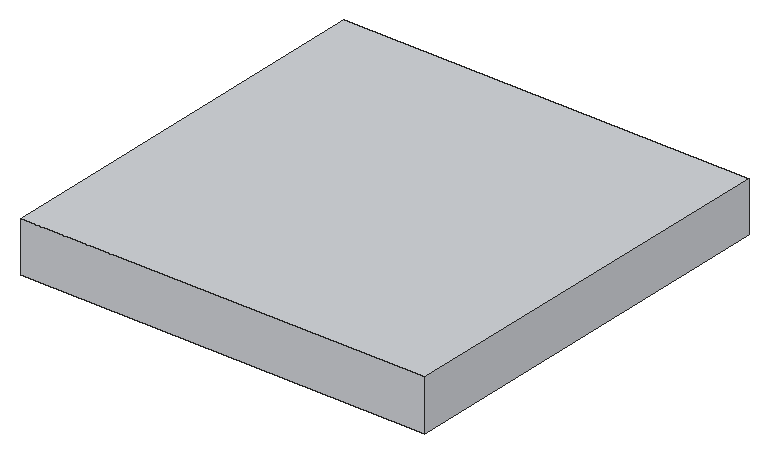
Revit family "Sanitary_Taps-Mixers_DELABIE_2641S-Wall-mounted-sequential-mechanical", category Appareils sanitaires, Revit 2018
Family settings
  Hôte = Face
  Cote de connecteur circulaire = Utiliser le diamètre
  Type d'élément = Normal
  Couper avec des vides une fois chargée = Non
  Partagée = Non
  Point de calcul de pièce = Non
Parameters
  Default Elevation = 1219.2 mm
Reference planes
  plane 1 "Centre (avant/arrière)": y = 0
  plane 2: z = 0
  plane 3 "Centre (gauche/droite)": x = 0
Forms (mm)
  Extrusion 1, solid
    sketch origin (0, 0, 0) x (1, 0, 0) y (0, 1, 0)
      loop
        line (-1219.2, 1219.2) -> (-1219.2, -1219.2) -> (1219.2, -1219.2) -> (1219.2, 1219.2) -> (-1219.2, 1219.2)
    from 0 to -304.8
Dimensions and locks
  aligned and locked: plane 2 to Extrusion 1
  aligned and locked: level to Extrusion 1
Nested families
  nested 1: "Sanitary_Taps-Mixers_DELABIE_2641S-Wall-mounted-sequential-mechanical" at (0, 0, 0), type "Default"
Connectors
  piping at (75.5, -0.002, 0.621), diameter 20.5
    settings: on nested 1, index 1, connector inside diameter 609.6 mm, connector length 0 mm, flow factor 0, pipe flow 0.0 L/s, pressure drop 0.0 Pa, fitting loss kfactor 0, connector angle 0.00°, fixture units 0, engagement length 0 mm, angle of deflection 0.00°, flow configuration 0, flow direction 1, fitting loss method 0, system type 19, joint type 0, gender type 0, connector reference index -1, connector utility 0, adjustable connector no, is connector primary yes, connector description ""
  piping at (-75.5, -0.002, 0.621), diameter 20.5
    settings: on nested 1, index 2, connector inside diameter 609.6 mm, connector length 0 mm, flow factor 0, pipe flow 0.0 L/s, pressure drop 0.0 Pa, fitting loss kfactor 0, connector angle 0.00°, fixture units 0, engagement length 0 mm, angle of deflection 0.00°, flow configuration 0, flow direction 1, fitting loss method 0, system type 20, joint type 0, gender type 0, connector reference index -1, connector utility 0, adjustable connector no, is connector primary no, connector description ""
Definition of nested family "Sanitary_Taps-Mixers_DELABIE_2641S-Wall-mounted-sequential-mechanical"
  Parameters (values of type "Default")
    Youtube clip = "https://www.delabie.com/our-services/our-expertise/our-videos/2640-mechanical-sequential-basin-mixer"
    Uniformat II Description = ""
    Uniformat II Code = ""
    Uniclass 2015 Name = "Sanitary fittings and accessories"
    Uniclass 2015 Code = "Pr_40_20"
    Uniclass 2.0 Description = ""
    Uniclass 2.0 Code = ""
    Uniclass 1.4 Description = ""
    Uniclass 1.4 Code = ""
    UNSPSC Code = "301815"
    Technical description = "https://www.delabie.com/products/2641s"
    Region South America = "AR, BO, BR, CL, CO, EC, FK, GF, GY, PE, PY, SR, UY, VE"
    Region Oceania = "AU, FJ, NC, NZ, PG, SB, TL, VU"
    Region North America = "BS, BZ, CA, CR, CU, DO, GL, GT, HN, HT, JM, MX, NI, PA, PR, SV, TT, US"
    Region Middle East = "AE, AF, EG, IL, IQ, IR, JO, KW, LB, OM, PS, QA, SA, SY, TR, YE"
    Region Europe = "AL, AT, BA, BE, BG, BY, CH, CY, CZ, DE, DK, EE, ES, FI, FR, GB, GR, HR, HU, IE, IS, IT, LT, LU, LV, MD, ME, MK, NL, NO, PL, PT, RO, RS, RU, SE, SI, SJ, SK, UA"
    Region Asia = "AM, AZ, BD, BN, BT, CN, GE, ID, IN, JP, KG, KH, KP, KR, KZ, LA, LK, MM, MN, MY, NP, PH, PK, TH, TJ, TM, TW, UZ, VN"
    Region Antarctica = "TF"
    Region Africa = "AO, BF, BI, BJ, BW, CD, CF, CG, CI, CM, DJ, DZ, EH, ER, ET, GA, GH, GM, GN, GQ, GW, KE, LR, LS, LY, MA, MG, ML, MR, MW, MZ, NA, NE, NG, RW, SD, SL, SN, SO, SS, SZ, TD, TG, TN, TZ, UG, ZA, ZM, ZW"
    QR code = "http://bimobject.com/delabie/product/2641S"
    Product url = "https://www.delabie.com/products/2641s"
    Product name = "2641S  Wall-mounted sequential mechanical mixer"
    Product group = "Basin mixer"
    Product family = "Sanitary"
    Product data url = "https://bimobject.com/delabie/product/2641S"
    Product certification = "https://www.delabie.com/products/2641s"
    Product SKU = "2641S"
    Product Guid = "1ce0e8f4-9060-4dcb-bb45-ed38e7270442"
    OmniClass Description = "Faucets"
    OmniClass Code = "23-31 11 00"
    NBS Reference Description = ""
    NBS Reference Code = ""
    Material secondary = ""
    Material main = "Brass"
    Masterformat 2014 Description = ""
    Masterformat 2014 Code = ""
    Manufacturer name = "DELABIE"
    Manufacturer country = ""
    Installation instructions = "https://www.delabie.com/products/2641s"
    IFC Classification = "Sanitary Terminal"
    GTIN code = "https://3456330183529"
    Edition number = 1
    Design country = "France"
    Date of publishing = ""
    COBIe Type Category = ""
    Brand url = "http://www.delabie.com"
    BOS_1_Visibility = yes
    BOS_1_Material = none
    BOS_0_Visibility = yes
    BOS_0_Material = none
    BIMobject main category code = "sanitary"
    BIMobject main category = "Sanitary"
    BIMobject category code = "sanitary-taps-mixers"
    BIMobject category = "Taps & Mixers"
  Reference planes
    plane 1 "Center (Front/Back)": y = 0
    plane 2: z = 0
    plane 3 "Center (Left/Right)": x = 0
  Dimensions and locks
    aligned and locked: level to plane 2
  Imported bodies without a history: 1
